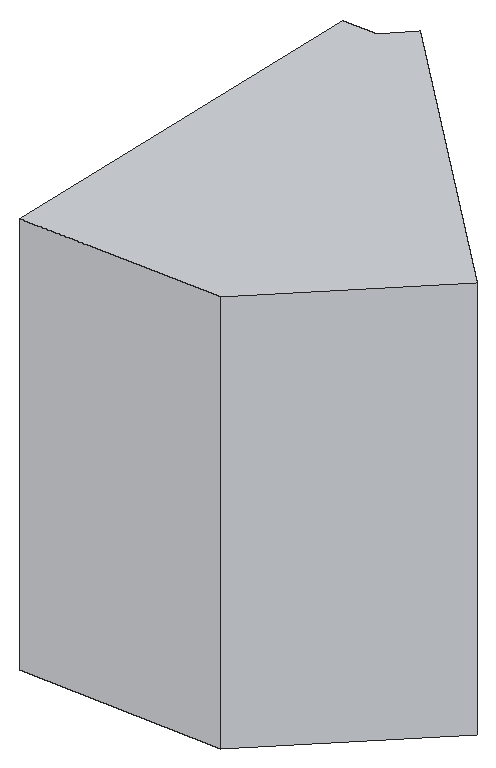
Revit family "f0b9a7d7ead44d40b170bad390b51f40", category Duct Fittings, Revit 2021
Family settings
  Round Connector Dimension = Use Diameter
  Part Type = Elbow
  OmniClass Number = 23.75.70.14
  OmniClass Title = Air Ductwork
  Seek Item ID = Rectangular Elbow - Mitered-0000-USA-ENU
  Work Plane-Based = No
  Always vertical = Yes
  Cut with Voids When Loaded = No
  Shared = No
Parameters (values of type "Standard")
  Duct Width [instance] = 12"
  Shoulder = 1"
  Duct Length 1 [instance] = tan(Angle / 2) * Duct Width / 2 + Shoulder  # 3.48528"
  Duct Height [instance] = 12"
  Default Elevation = 0' - 0"
  Angle [instance] = 45.00°
Reference planes (in)
  plane 1 "Center (Front/Back)": y = 0
  plane 2: z = 0
  plane 3 "Center (Left/Right)": x = 0
  plane 4: x = -3.48528
Forms (in)
  Sweep 1, solid, detail levels medium+fine
    path in 3D
      loop
        line (-3.48528, 0, 0) -> (0, 0, 0) -> (2.46447, 2.46447, 0)
    profile "Duct - Rectangular : Duct - Rectangular" origin (-1.74264, 0, 0) x (0, 1, 0) y (0, 0, 1)
      loop
        line (-6, 6) -> (-6, -6) -> (6, -6) -> (6, 6) -> (-6, 6)
Lines and regions (in)
  reference lines
    curve 1: line (-3.48528, 0, 0) -> (0, 0, 0)
  model lines, style "DuctFitting", detail levels coarse
    curve 2: line (0, 0, 0) -> (2.46447, 2.46447, 0)
    curve 5: line (-3.48528, 0, 0) -> (0, 0, 0)
  sketch lines
    curve 3: line (-3.48528, 0, 0) -> (0, 0, 0)
    curve 4: line (0, 0, 0) -> (2.46447, 2.46447, 0)
Dimensions and locks (in)
  "Duct Length 1": plane 4 to plane 3 "Center (Left/Right)"
  "Duct Length 1": curve 2 to curve 2
  "Angle": angle plane 1 "Center (Front/Back)" to curve 2
  aligned and locked: plane 1 "Center (Front/Back)" to curve 1
  aligned and locked: plane 3 "Center (Left/Right)" to curve 1
  aligned and locked: plane 4 to curve 1
  aligned and locked: curve 5 to curve 1
Automatic sketch dimensions
  curve 5 to plane 4 = 0' - 0"
  curve 5 to plane 3 "Center (Left/Right)" = 0' - 0"
Connectors (in)
  hvac at (-3.48528, 0, 0), driven by "Duct Height", driven by "Duct Width", driven by "Angle"
    settings: on Sweep 1, index 1, duct flow 0 CFM, flow factor 0, pres drop 0.00 in-wg, loss coef 0, conn angle 45.00°, conn width 12", conn height 12", conn diameter 24", duct sys type 28, conn prof type 1, flow config 0, flow direction 0, loss method 0, conn ref index 2, conn util no, is conn primary yes, conn desc ""
  hvac at (2.46447, 2.46447, 0), driven by "Duct Height", driven by "Duct Width", driven by "Angle"
    settings: on Sweep 1, index 2, duct flow 0 CFM, flow factor 0, pres drop 0.00 in-wg, loss coef 0, conn angle 45.00°, conn width 12", conn height 12", conn diameter 24", duct sys type 28, conn prof type 1, flow config 0, flow direction 0, loss method 0, conn ref index 1, conn util no, is conn primary no, conn desc ""
